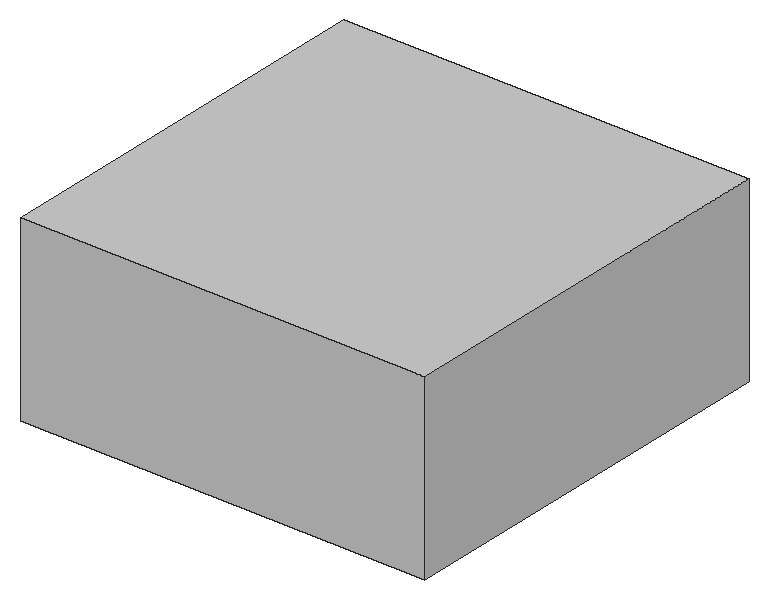
Revit family
Parameters (values of type "2000 x 2000 x 900mm")
  Width = 2000 mm
  Length = 2000 mm
  기초 재료 [instance] = 콘크리트 - 현장타설 콘크리트
  Assembly Code = ""
  두께 = 900 mm
Types (3, lengths in mm): name | Width | Length | 두께
  (no name) | 2000 | 2000 | 900
  2000 x 2000 x 900mm | 2000 | 2000 | 900
  2600 x 1650 x 1100mm | 1650 | 2600 | 1100
Reference planes
  plane 1 "중심(앞/뒤)": y = 0
  plane 2: z = 0
  plane 3 "중심(왼쪽/오른쪽)": x = 0
  plane 4: x = -1000
  plane 5: x = 1000
  plane 6: y = 1000
  plane 7: y = -1000
Forms (mm)
  Extrusion 1, solid, material "콘크리트 - 현장타설 콘크리트" <- "기초 재료"
    sketch origin (0, 0, 0) x (1, 0, 0) y (0, 1, 0)
      loop
        line (-1000, 1000) -> (-1000, -1000) -> (1000, -1000) -> (1000, 1000) -> (-1000, 1000)
    from -900 to 0
Dimensions and locks
  "두께": plane 2 to Extrusion 1
  "Width": plane 4 to plane 5
  "Length": plane 6 to plane 7
  equal spacing: plane 6, plane 1 "중심(앞/뒤)", plane 7
  equal spacing: plane 4, plane 3 "중심(왼쪽/오른쪽)", plane 5
  aligned and locked: plane 4 to Extrusion 1 sketch curve
  aligned and locked: Extrusion 1 sketch curve to plane 5
  aligned and locked: Extrusion 1 sketch curve to plane 6
  aligned and locked: plane 7 to Extrusion 1 sketch curve
  aligned and locked: level to Extrusion 1
